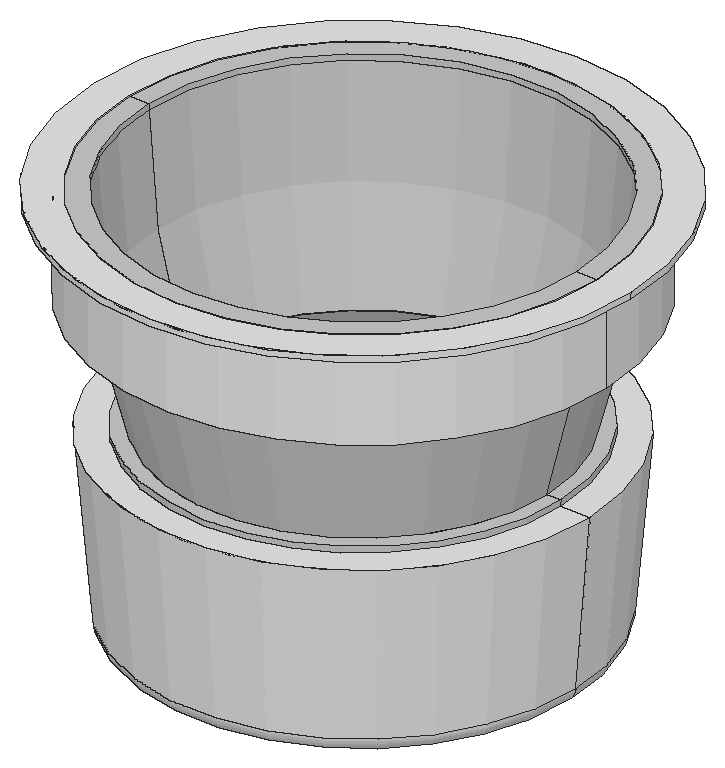
Revit family "2059367 Lighting Fixture_Sylvania_Ascent 150 II Round_Ceiling Recessed", category Lighting Fixtures, host Face, Revit 2017
Family settings
  Host = Face
  Round Connector Dimension = Use Diameter
  Part Type = Normal
  OmniClass Number = 23.80.70.11.17
  OmniClass Title = Specialized Lighting by Location or Use
  Cut with Voids When Loaded = No
  Light Source = Yes
  Shared = No
  Room Calculation Point = No
Parameters (values of type "ASCENT 150 II 3200 3K DALI EM")
  Upper Body Radius = Radius - 14.5 mm  # 80.0 mm
  Upper Body Material = Metal_Sylvania_Ascent 150 II_Black
  Ring Outer Diameter = Diameter - 17.0 mm  # 172.0 mm
  Ring Inner Diameter = Ring Outer Diameter - 4.0 mm  # 168.0 mm
  Reflector Material = Metal_Sylvania_Ascent 150 II_Polished
  Recessed Depth = 142.0 mm
  Radius = Diameter / 2  # 94.5 mm
  Light Emit  Diameter = Diameter - 38.0 mm  # 151.0 mm
  LOR = "100%"  # constant formula
  Inrush Current (max. quantity per 16A C breaker) = "80"  # constant formula
  Inner Reflector Radius = Inner Radius - 19.5 mm  # 63.0 mm
  Inner Radius = Inner Diameter / 2  # 82.5 mm
  Inner Diameter = Diameter - 24.0 mm  # 165.0 mm
  IP Rating = "IP44"  # constant formula
  IK Rating = "IK02"  # constant formula
  Glow Wire Test = 650 °C  # constant formula
  Energy Class = "A++,A+,A"  # constant formula
  Weight = 2.45 kg
  Wattage = 2.86179 W
  built-in parameter 1150110 = 1 (stored number, unit not read)
  Voltage Comments = "UNV (Universal Voltage; 220-240 Volt)"  # constant formula
  Voltage = 230 V  # constant formula
  URL = "https://www.sylvania-lighting.com"
  built-in parameter 1114217 = 1 (stored number, unit not read)
  Tilt Angle = -90°
  built-in parameter 1150109 = 1 (stored number, unit not read)
  built-in parameter 1150134 = (empty or 0)
  built-in parameter 1150113 = 1 (stored number, unit not read)
  Product Page URL = "https://www.sylvania-lighting.com/product/en-int/products/2059367"
  Product Family = "ASCENT 150 II ROUND"  # constant formula
  Photometry Comments = ""
  Photometric Web File = "2059367_ASCENT150II32003KDALIEM-206491.ies"
  Life = "50 000 h"  # constant formula
  Emit from Circle Diameter = Light Emit  Diameter  # 151.0 mm
  Emit Shape Visible in Rendering = no
  Emergency duration (h) = "N/A"
  Electrical Protection = "Class II"  # constant formula
  Drive Current = "1000mA"  # constant formula
  Distribution type = "Direct"  # constant formula
  Diffuser Material = Glass_Sylvania_Ascent 150 II_Clear_3000K
  Diameter = 189.0 mm
  Cutout Diameter = Diameter - 13.0 mm  # 176.0 mm
  Colour consistency (SDCM) = "3 step"  # constant formula
  built-in parameter 1114216 [instance] = 1 (stored number, unit not read)
  Model = "ASCENT 150 II 3200 3K DALI EM"
  Manufacturer = "Feilo Sylvania"
  built-in parameter 1150105 = 215.52 (stored number, unit not read)
  Lumens = 352 lm
  built-in parameter 1150115 = 1 (stored number, unit not read)
  built-in parameter 1150137 = (empty or 0)
  built-in parameter 1150139 = (empty or 0)
  built-in parameter 1150112 = 1 (stored number, unit not read)
  built-in parameter 1150114 = 1 (stored number, unit not read)
  Lamp Comments = "Integrated LED"  # constant formula
  Lamp = "LED"  # constant formula
  built-in parameter 1150132 = 2
  built-in parameter 1150102 = (empty or 0)
  built-in parameter 1150107 = 3000 (stored number, unit not read)
  built-in parameter 1150138 = (empty or 0)
  built-in parameter 1150106 = 2.1552 (stored number, unit not read)
  built-in parameter 1150104 = 11.427 (stored number, unit not read)
  Dimming Lamp Color Temperature Shift = <None>
  Description = "A very high efficient round downlight up to 127lm/W Long life >50,000hrs 4,000K and 3,000K CCT and CRI Ra85 IP44 rated for wet areas and bathrooms UGR <19 version for offices to comply with EN12464-1 Wide selection of decorative accessories"  # constant formula
  Default Elevation = 0.0 mm
  Color Filter = 16777215
  Catalog Number = "2059367 ASCENT 150 II 3200 3K DALI EM"
  built-in parameter 1140040 [instance] = 1
  CRI (Ra) = ">80"  # constant formula
  built-in parameter 1114218 = 1 (stored number, unit not read)
  built-in parameter 1150133 = 10 (stored number, unit not read)
  Assembly Code = "D5020200"
  Apparent Load Comments = ""
  Apparent Load = 32 VA
  Accessory Material = Aluminum_Sylvania_Ascent 150 II_White
Reference planes
  plane 1 "Center (Front/Back)": y = 0
  plane 2: z = 0
  plane 3 "Center (Left/Right)": x = 0
  plane 4: z = 2
  plane 5: z = -74
  plane 6 "Fixture Top": z = -140
  plane 7: z = -31
  plane 8: z = -72
  plane 9: z = -62.037
Forms (mm)
  Extrusion 1, solid, material "Aluminum_Sylvania_Ascent 150 II_White" <- "Accessory Material", detail levels fine
    sketch origin (0, 0, 0) x (1, 0, 0) y (0, 1, 0)
      loop
        circle (0, 0) r 94.5
      loop
        circle (0, 0) r 82.5
    from 0 to 2
  Extrusion 2, void
    sketch origin (0, 0, 0) x (1, 0, 0) y (0, 1, 0)
      loop
        circle (0, 0) r 88
    from -140 to 2
  Revolve 3, solid, material "Metal_Sylvania_Ascent 150 II_Polished" <- "Reflector Material", detail levels fine
    sketch origin (0, 0, 0) x (1, 0, 0) y (0, 0, 1)
      loop
        line (-82.5, 0) -> (-77.5, 0)
        arc (-77.5, 0) -> (-74.352, -36.539) -> (-65, -72) r 213.61
        line (-65, -72) -> (-70, -72) -> (-70, -74) -> (0, -74) -> (0, -72) -> (-63, -72)
        arc (-63, -72) -> (-72.352, -36.539) -> (-75.5, 0) r 213.61
        line (-75.5, 0) -> (-75.5, 2) -> (-82.5, 2) -> (-82.5, 0)
      axis (0, 2) -> (0, -74)
    angle from 0 to 360
  Extrusion 4, solid, material "Aluminum_Sylvania_Ascent 150 II_White" <- "Accessory Material", detail levels fine
    sketch origin (0, 0, 0) x (1, 0, 0) y (0, 1, 0)
      loop
        circle (0, 0) r 86
      loop
        circle (0, 0) r 84
    from -31 to 0
  Revolve 5, solid, material "Glass_Sylvania_Ascent 150 II_Clear_3000K" <- "Diffuser Material", detail levels fine
    sketch origin (0, 0, 0) x (1, 0, 0) y (0, 0, 1)
      loop
        line (-63, -72) -> (0, -72) -> (0, -62.037)
        arc (0, -62.037) -> (-31.891, -64.543) -> (-63, -72) r 204.163
      axis (0, -62.037) -> (0, -72)
    angle from 0 to 360
  Revolve 6, solid, material "Metal_Sylvania_Ascent 150 II_Black" <- "Upper Body Material", detail levels fine
    sketch origin (0, 0, 0) x (1, 0, 0) y (0, 0, 1)
      loop
        line (0, -74) -> (-80, -74) -> (-75.107, -129.929)
        arc (-75.107, -129.929) -> (-73.452, -133.536) -> (-69.924, -135.353) r 6.079
        arc (-69.924, -135.353) -> (-35.039, -138.837) -> (0, -140) r 528.435
        line (0, -140) -> (0, -74)
      axis (0, -74) -> (0, -140)
    angle from 0 to 360
  Revolve 7, solid, material "Aluminum_Sylvania_Ascent 150 II_White" <- "Accessory Material", detail levels coarse+medium
    sketch origin (0, 0, 0) x (1, 0, 0) y (0, 0, 1)
      loop
        arc (-69.924, -135.353) -> (-35.039, -138.837) -> (0, -140) r 528.435
        line (0, -140) -> (0, 2) -> (-94.5, 2) -> (-94.5, 0) -> (-86, 0) -> (-86, -31)
        arc (-86, -31) -> (-84.493, -52.708) -> (-80, -74) r 157.083
        line (-80, -74) -> (-75.107, -129.929)
        arc (-75.107, -129.929) -> (-73.452, -133.536) -> (-69.924, -135.353) r 6.079
      axis (0, 2) -> (0, -140)
    angle from 0 to 360
Cuts and joins
  joined: Extrusion 1, Extrusion 4
Lines and regions (mm)
  Masking region 1
    outline origin (0, 0, 0) x (1, 0, 0) y (0, 1, 0)
      loop
        circle (0, 0) r 94.5
  symbolic lines, detail levels fine
    curve 1: arc (-75.5, 0, 0) -> (0, 75.5, 0) -> (75.5, 0, 0) r 75.5
    curve 2: arc (75.5, 0, 0) -> (0, -75.5, 0) -> (-75.5, 0, 0) r 75.5
Dimensions and locks
  plane 4 to plane 2 to plane 7 to plane 9 to plane 8 to plane 5 = 2.0 mm locked, 31.0 mm locked, 31.037 mm locked, 9.963 mm locked, 2.0 mm locked
  "Inner Radius": plane 3 "Center (Left/Right)" to Revolve 3 sketch curve
  locked: Revolve 3 sketch curve to Revolve 3 sketch curve at 7
  Revolve 3 sketch curve to Revolve 3 sketch curve to Revolve 3 sketch curve to Revolve 3 sketch curve = 2.0 mm locked, 5.0 mm locked, 12.5 mm locked
  "Inner Reflector Radius": Revolve 5 sketch curve to imposter light
  Revolve 6 sketch curve to Revolve 6 sketch curve to plane 6 "Fixture Top" = 5.424 mm locked, 4.647 mm locked
  "Recessed Depth": plane 4 to plane 6 "Fixture Top"
  "Upper Body Radius": plane 3 "Center (Left/Right)" to Revolve 6 sketch curve
  Revolve 6 sketch curve to Revolve 6 sketch curve to Revolve 6 sketch curve = 4.893 mm locked, 5.183 mm locked
  Revolve 7 sketch curve to Revolve 7 sketch curve to plane 6 "Fixture Top" = 5.424 mm locked, 4.647 mm locked
  Revolve 7 sketch curve to Revolve 7 sketch curve to Revolve 7 sketch curve to Revolve 7 sketch curve to Revolve 7 sketch curve = 8.5 mm locked, 6.0 mm locked, 4.893 mm locked, 5.183 mm locked
  "Radius": plane 3 "Center (Left/Right)" to Revolve 7 sketch curve
  "Diameter": diameter of Extrusion 1 sketch curve
  "Inner Diameter": diameter of Extrusion 1 sketch curve
  "Cutout Diameter": diameter of Extrusion 2 sketch curve
  "Ring Outer Diameter": diameter of Extrusion 4 sketch curve
  "Ring Inner Diameter": diameter of Extrusion 4 sketch curve
  aligned and locked: plane 2 to host face
  aligned and locked: level to host face
  aligned and locked: imposter light to plane 3 "Center (Left/Right)"
  aligned and locked: imposter light to plane 1 "Center (Front/Back)"
  aligned and locked: Extrusion 1 to plane 2
  aligned and locked: plane 4 to Extrusion 1
  aligned and locked: imposter light to plane 4
  aligned and locked: imposter light to Revolve 3 sketch curve
  aligned and locked: Revolve 3 sketch curve to imposter light
  aligned and locked: Revolve 3 sketch curve to plane 2
  aligned and locked: Revolve 3 sketch curve to Revolve 3 sketch curve
  aligned and locked: plane 5 to Revolve 3 sketch curve
  aligned and locked: Extrusion 4 to plane 7
  aligned and locked: Revolve 3 sketch curve to plane 8
  aligned and locked: Revolve 5 sketch curve to plane 8
  aligned and locked: imposter light to Revolve 5 sketch curve  (x2)
  aligned and locked: imposter light to Revolve 6 sketch curve  (x2)
  aligned and locked: plane 5 to Revolve 6 sketch curve
  aligned and locked: plane 6 "Fixture Top" to Revolve 6 sketch curve
  aligned and locked: Revolve 7 sketch curve to plane 2
  aligned and locked: plane 4 to Revolve 7 sketch curve
  aligned and locked: plane 7 to Revolve 7 sketch curve
  aligned and locked: imposter light to Extrusion 2
  aligned and locked: Extrusion 2 to plane 6 "Fixture Top"
  aligned and locked: Masking region 1 sketch curve to Revolve 7  (x2)
  aligned and locked: curve 1 to Revolve 3
  aligned and locked: curve 2 to Revolve 3
Automatic sketch dimensions
  host sketch curve to host sketch curve = 1040.406 mm
  host sketch curve to host sketch curve = 988.385 mm
  Extrusion 1 sketch curve to Extrusion 1 sketch curve = 0.0 mm  (x2)
  plane 1 "Center (Front/Back)" to Extrusion 1 sketch curve = 0.0 mm
  Extrusion 1 sketch curve to plane 3 "Center (Left/Right)" = 0.0 mm
  plane 1 "Center (Front/Back)" to Extrusion 2 sketch curve = 0.0 mm
  Extrusion 2 sketch curve to plane 3 "Center (Left/Right)" = 0.0 mm
  Revolve 3 sketch curve to plane 3 "Center (Left/Right)" = 0.0 mm
  Revolve 3 sketch curve to level = 0.0 mm
  Revolve 3 sketch curve to Revolve 3 sketch curve = 2.0 mm
  Revolve 3 sketch curve to plane 5 = 27.065 mm
  plane 4 to Revolve 3 sketch curve = 16.525 mm
  Extrusion 4 sketch curve to Extrusion 4 sketch curve = 0.0 mm  (x2)
  plane 1 "Center (Front/Back)" to Extrusion 4 sketch curve = 0.0 mm
  Extrusion 4 sketch curve to plane 3 "Center (Left/Right)" = 0.0 mm
  Revolve 5 sketch curve to plane 9 = 0.0 mm
  Revolve 5 sketch curve to plane 5 = 17.158 mm
  Revolve 5 sketch curve to plane 7 = 15.158 mm
  Revolve 6 sketch curve to plane 7 = 0.0 mm
  Revolve 6 sketch curve to Revolve 6 sketch curve = 6.05 mm
  Revolve 6 sketch curve to plane 6 "Fixture Top" = 26.0 mm
  Revolve 7 sketch curve to plane 3 "Center (Left/Right)" = 0.0 mm  (x2)
  Revolve 7 sketch curve to plane 6 "Fixture Top" = 0.0 mm
  Revolve 7 sketch curve to plane 5 = 0.0 mm
  Revolve 7 sketch curve to plane 7 = 0.0 mm
  Revolve 7 sketch curve to Revolve 7 sketch curve = 0.866 mm
  Revolve 7 sketch curve to Revolve 7 sketch curve = 26.0 mm
Connectors
  electrical at (0, 0, -140), driven by "Apparent Load", driven by "Voltage"
    settings: index 1, voltage 230 V, apparent load 0 VA, apparent load phase1 32 VA, apparent load phase2 0 VA, apparent load phase3 0 VA, power factor 1, load classification "Lighting", number of poles 1, system type 31, power factor state 1, is connector primary yes, connector utility no, sub classification motor no, connector description ""
